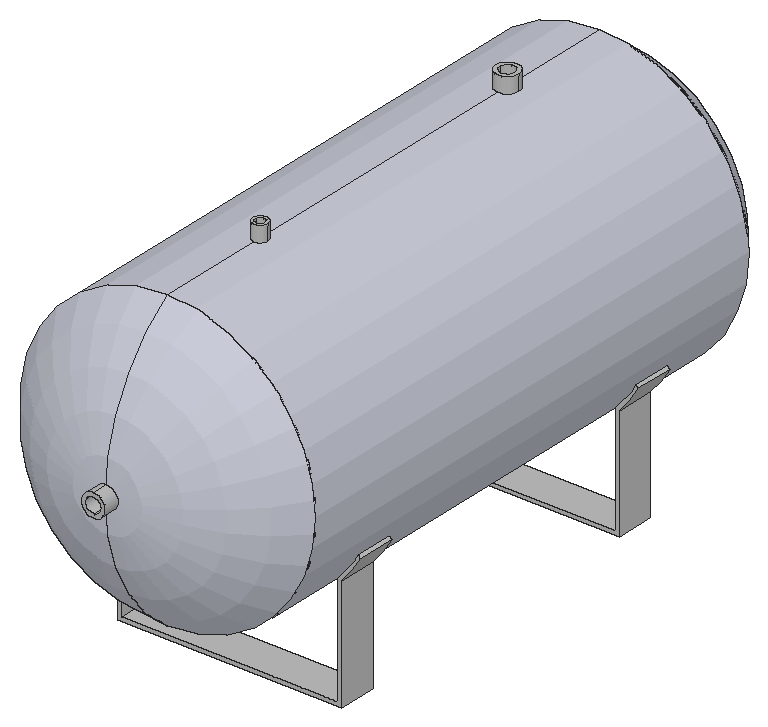
Revit family "MIT Horizontal Air Tank-100L ", category Specialty Equipment, Revit 2022
Family settings
  Round Connector Dimension = Use Diameter
  Part Type = Normal
  Work Plane-Based = Yes
  Always vertical = No
  Cut with Voids When Loaded = No
  Maintain Annotation Orientation = No
  Shared = No
  Room Calculation Point = No
Parameters (values of type "100L- Horizontal Air Tank")
  URL = "https://en.ekinendustriyel.com/pressurized-air-tanks"
  Model = "100L- Horizontal Air Tank"
  Manufacturer = "Ekin Endüstriyel"
  Keynote = "Air Tanks"
  Description = "MIT- Horizontal Air Tank"
  Default Elevation = 0 mm
Reference planes
  plane 1 "Center (Front/Back)": y = 0
  plane 2: z = 0
  plane 3 "Center (Left/Right)": x = 0
  plane 4: y = 350
  plane 5: y = -350
Forms (mm)
  Revolve 1, solid, material "Ekin Endüstriyel_P265GH", detail levels medium+fine
    sketch origin (0, 0, 0) x (0, 1, 0) y (0, 0, 1)
      loop
        line (-450, 280) -> (450, 280)
        arc (450, 280) -> (424.461, 388.74) -> (350, 472) r 226.189
        line (350, 472) -> (-350, 472)
        arc (-350, 472) -> (-424.461, 388.74) -> (-450, 280) r 226.189
      axis (450, 280) -> (-450, 280)
    angle from 0 to 360
  Extrusion 2, solid, material "Ekin Endüstriyel_S235JR", detail levels coarse
    sketch origin (275, -200, 0) x (-1, 0, 0) y (0, 0, -1)
      loop
        line (420, -148.607) -> (420, 0) -> (130, 0) -> (130, -148.607) -> (420, -148.607)
    from 0 to 50
  Extrusion 3, solid, material "Ekin Endüstriyel_S235JR", detail levels coarse
    sketch origin (275, 200, 0) x (-1, 0, 0) y (0, 0, 1)
      loop
        line (420, 148.607) -> (130, 148.607) -> (130, 0) -> (420, 0) -> (420, 148.607)
    from 0 to 50
  Extrusion 4, solid, material "Ekin Endüstriyel_S235JR", detail levels medium
    sketch origin (275, -554.961, 84.5) x (-1, 0, 0) y (0, 0, -1)
      loop
        circle (275, -195.5) r 15
    from -104.961 to -85
  Extrusion 5, solid, material "Ekin Endüstriyel_S235JR", detail levels medium
    sketch origin (275, 554.965, 84.5) x (-1, 0, 0) y (0, 0, 1)
      loop
        circle (275, 195.5) r 15
    from -104.965 to -85
  Extrusion 6, solid, material "Ekin Endüstriyel_S235JR", detail levels medium
    sketch origin (275, -195.5, 178.507) x (0, 1, 0) y (-1, 0, 0)
      loop
        circle (195.5, 275) r 15
    from -110.467 to -90.507
  Extrusion 7, solid, material "Ekin Endüstriyel_S235JR", detail levels medium
    sketch origin (0, -50, 126.497) x (1, 0, 0) y (0, 1, 0)
      loop
        circle (0, 250) r 15
    from 345.503 to 365
  Extrusion 8, solid, material "Ekin Endüstriyel_S235JR", detail levels medium
    sketch origin (0, 50, 126.497) x (1, 0, 0) y (0, 1, 0)
      loop
        circle (0, -250) r 10
    from 345.563 to 365
  Extrusion 9, solid, material "Ekin Endüstriyel_S235JR", detail levels fine
    sketch origin (275, -554.961, 84.5) x (-1, 0, 0) y (0, 0, -1)
      loop
        circle (275, -195.5) r 15
      loop
        circle (275, -195.5) r 10
    from -104.961 to -85
  Extrusion 10, solid, material "Ekin Endüstriyel_S235JR", detail levels fine
    sketch origin (275, 554.965, 84.5) x (-1, 0, 0) y (0, 0, 1)
      loop
        circle (275, 195.5) r 15
      loop
        circle (275, 195.5) r 10
    from -104.965 to -85
  Extrusion 11, solid, material "Ekin Endüstriyel_S235JR", detail levels fine
    sketch origin (275, -195.5, 178.507) x (0, 1, 0) y (-1, 0, 0)
      loop
        circle (195.5, 275) r 15
      loop
        circle (195.5, 275) r 10
    from -110.467 to -90.507
  Extrusion 12, solid, material "Ekin Endüstriyel_S235JR", detail levels fine
    sketch origin (0, -50, 126.497) x (1, 0, 0) y (0, 1, 0)
      loop
        circle (0, 250) r 10
      loop
        circle (0, 250) r 15
    from 345.503 to 365
  Extrusion 13, solid, material "Ekin Endüstriyel_S235JR", detail levels fine
    sketch origin (0, 50, 126.497) x (1, 0, 0) y (0, 1, 0)
      loop
        circle (0, -250) r 10
      loop
        circle (0, -250) r 6.35
    from 345.563 to 365
  Extrusion 14, solid, material "Ekin Endüstriyel_S235JR", detail levels fine
    sketch origin (275, -200, 0) x (-1, 0, 0) y (0, 0, -1)
      loop
        line (420, 0) -> (130, 0) -> (130, -146.643)
        arc (130, -146.643) -> (116.176, -163.45) -> (104.29, -181.678) r 197
        line (104.29, -181.678) -> (108.623, -184.174)
        arc (108.623, -184.174) -> (120.783, -165.628) -> (135, -148.607) r 192
        line (135, -148.607) -> (135, -5) -> (415, -5) -> (415, -148.607)
        arc (415, -148.607) -> (429.217, -165.628) -> (441.377, -184.174) r 192
        line (441.377, -184.174) -> (445.71, -181.678)
        arc (445.71, -181.678) -> (433.824, -163.45) -> (420, -146.643) r 197
        line (420, -146.643) -> (420, 0)
    from 0 to 50
  Extrusion 15, solid, material "Ekin Endüstriyel_S235JR", detail levels fine
    sketch origin (275, 200, 0) x (-1, 0, 0) y (0, 0, 1)
      loop
        line (420, 0) -> (420, 146.643)
        arc (420, 146.643) -> (433.824, 163.45) -> (445.71, 181.678) r 197
        line (445.71, 181.678) -> (441.377, 184.174)
        arc (441.377, 184.174) -> (429.217, 165.628) -> (415, 148.607) r 192
        line (415, 148.607) -> (415, 5) -> (135, 5) -> (135, 148.607)
        arc (135, 148.607) -> (120.783, 165.628) -> (108.623, 184.174) r 192
        line (108.623, 184.174) -> (104.29, 181.678)
        arc (104.29, 181.678) -> (116.176, 163.45) -> (130, 146.643) r 197
        line (130, 146.643) -> (130, 0) -> (420, 0)
    from 0 to 50
  Extrusion 16, solid, material "Ekin Endüstriyel_S235JR", detail levels coarse
    sketch origin (0, 0, 0) x (1, 0, 0) y (0, 0, 1)
      loop
        circle (0, 280) r 192
    from -450 to 450
  Extrusion 17, solid, material "Ekin Endüstriyel_S235JR", detail levels medium
    sketch origin (275, -200, 0) x (-1, 0, 0) y (0, 0, -1)
      loop
        line (420, -148.607) -> (420, 0) -> (130, 0) -> (130, -148.607) -> (135, -148.607) -> (135, -5) -> (415, -5) -> (415, -148.607) -> (420, -148.607)
    from 0 to 50
  Extrusion 18, solid, material "Ekin Endüstriyel_S235JR", detail levels medium
    sketch origin (275, 200, 0) x (-1, 0, 0) y (0, 0, 1)
      loop
        line (420, 148.607) -> (415, 148.607) -> (415, 5) -> (135, 5) -> (135, 148.607) -> (130, 148.607) -> (130, 0) -> (420, 0) -> (420, 148.607)
    from 0 to 50
Cuts and joins
  joined: Extrusion 4, Extrusion 5
  joined: Extrusion 2, Extrusion 3, Extrusion 16
Dimensions and locks
  equal spacing: plane 4, plane 1 "Center (Front/Back)", plane 5
  plane 1 "Center (Front/Back)" to plane 5 = 350 mm
  aligned and locked: level to plane 2
Connectors
  piping at (0, 200, 491.497), diameter 19.1
    settings: on Extrusion 7, index 1, connector inside diameter 609.6 mm, connector length 0 mm, flow factor 0, pipe flow 0.0 m³/h, pressure drop 0.0 bar, fitting loss kfactor 0, connector angle 0.00°, fixture units 0, engagement length 0 mm, angle of deflection 0.00°, flow configuration 0, flow direction 0, fitting loss method 0, system type 7, joint type 0, gender type 0, connector reference index -1, connector utility 0, adjustable connector no, is connector primary yes, connector description ""
  piping at (0, 469.965, 280), diameter 19.1
    settings: on cut or joined group of Extrusion 4, Extrusion 5, index 2, connector inside diameter 609.6 mm, connector length 0 mm, flow factor 0, pipe flow 0.0 m³/h, pressure drop 0.0 bar, fitting loss kfactor 0, connector angle 0.00°, fixture units 0, engagement length 0 mm, angle of deflection 0.00°, flow configuration 0, flow direction 0, fitting loss method 0, system type 7, joint type 0, gender type 0, connector reference index -1, connector utility 0, adjustable connector no, is connector primary no, connector description ""
  piping at (0, 0, 68.04), diameter 19.1
    settings: on Extrusion 6, index 3, connector inside diameter 609.6 mm, connector length 0 mm, flow factor 0, pipe flow 0.0 m³/h, pressure drop 0.0 bar, fitting loss kfactor 0, connector angle 0.00°, fixture units 0, engagement length 0 mm, angle of deflection 0.00°, flow configuration 0, flow direction 0, fitting loss method 0, system type 7, joint type 0, gender type 0, connector reference index -1, connector utility 0, adjustable connector no, is connector primary no, connector description ""
  piping at (0, -469.961, 280), diameter 19.1
    settings: on cut or joined group of Extrusion 4, Extrusion 5, index 4, connector inside diameter 609.6 mm, connector length 0 mm, flow factor 0, pipe flow 0.0 m³/h, pressure drop 0.0 bar, fitting loss kfactor 0, connector angle 0.00°, fixture units 0, engagement length 0 mm, angle of deflection 0.00°, flow configuration 0, flow direction 0, fitting loss method 0, system type 7, joint type 0, gender type 0, connector reference index -1, connector utility 0, adjustable connector no, is connector primary no, connector description ""
  piping at (0, -200, 491.497), diameter 12.7
    settings: on Extrusion 8, index 5, connector inside diameter 609.6 mm, connector length 0 mm, flow factor 0, pipe flow 0.0 m³/h, pressure drop 0.0 bar, fitting loss kfactor 0, connector angle 0.00°, fixture units 0, engagement length 0 mm, angle of deflection 0.00°, flow configuration 0, flow direction 0, fitting loss method 0, system type 7, joint type 0, gender type 0, connector reference index -1, connector utility 0, adjustable connector no, is connector primary no, connector description ""
